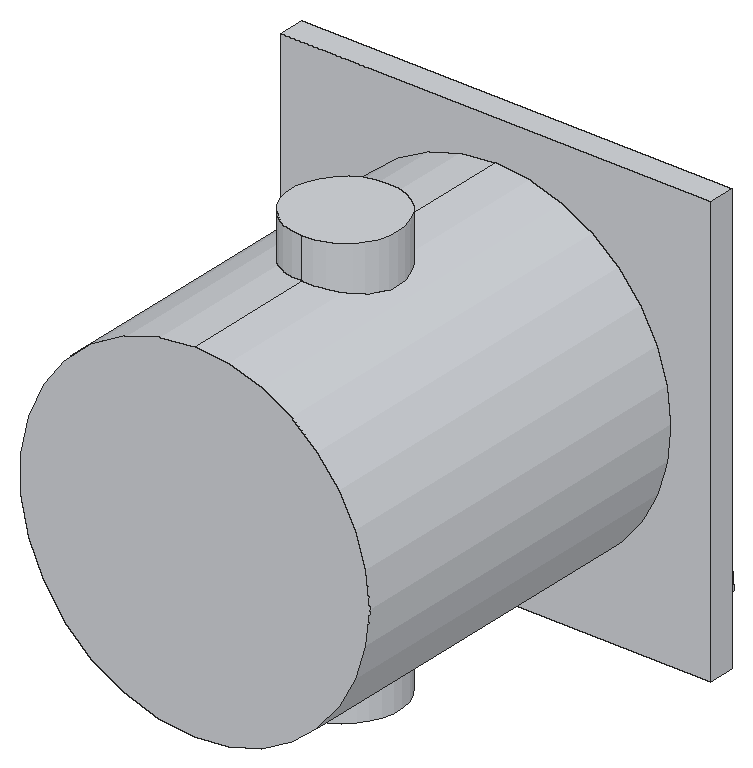
Revit family "LS_Dimmer_V1700", category Lichtschalter, Revit 2017
Family settings
  Beschriftungsausrichtung beibehalten = Nein
  Bemaßung runder Anschluss = Durchmesser verwenden
  Teiletyp = Schalter
  OmniClass-Nummer = 23.80.70.00
  OmniClass-Titel = Lighting
  Arbeitsebenenbasiert = Nein
  Immer vertikal = Ja
  Beim Laden mit Abzugskörper schneiden = Nein
  Gemeinsam genutzt = Nein
  Raumberechnungspunkt = Nein
Parameters (values of type "allgemein")
  pbr_Material_KZ = ""
  pbr_Material = none
  pbr_E_Typ = ""
  pbr_E_KZ = ""
  pbr_DINBild = 0
  pbr_Bild = 0
  pbr_3Dx_Delta_Korrekturversatz [instance] = 0 mm
  pbr_3DX_Versatzfaktor [instance] = 0
  pbr_2DY_Versatzfaktor [instance] = 0
  pbr_2DX_Versatzfaktor [instance] = 0
  lfd_STRK [instance] = 0
  cpiFitMatchKey [instance] = "E-LS-SCH-1"
  Zentrale [instance] = ""
  Typ [instance] = ""
  Text3 [instance] = ""
  Text2 [instance] = ""
  Text1 [instance] = ""
  Schaltgruppe2 [instance] = 0
  Schaltgruppe1 [instance] = 0
  Planungsbüro Rohling = "www.pbr.de"
  Netzart = ""
  Menge(Dosenzahl) [instance] = 0
  Linie/Anschluss [instance] = ""
  Lastklassifizierung = none
  Installationsart [instance] = ""
  Info [instance] = ""
  IFC = ""
  Gewerk [instance] = "Schalt"
  Eckversatz [instance] = 0 mm
  YFrontversatz [instance] = if(pbr_2DY_Versatzfaktor = 300, 0 mm, pbr_2DY_Versatzfaktor * 300 mm)  # 0 mm
  XSeitenversatz [instance] = if(pbr_2DX_Versatzfaktor = 0, 3000 mm, 3000 mm + (pbr_2DX_Versatzfaktor * 300 mm)) + Eckversatz  # 3000 mm
  R_Leerrohranschluss = 10 mm
  Niveau [instance] = 1100 mm
  Dosentiefe = 70 mm  # constant formula
  Dosenradius = 65 mm / 2  # 32.5 mm
  Dimmer mit Leuchte = no
  Dimmer = yes
  D_Leerrohranschluss = 2 * R_Leerrohranschluss  # 20 mm
  Breite = 80 mm
  3DX_Versatzkontrolle [instance] = if(pbr_3DX_Versatzfaktor = 0, (pbr_2DX_Versatzfaktor * -1), (((-1 * pbr_3DX_Versatzfaktor) + pbr_2DX_Versatzfaktor) * -1))  # 0
  3DX_Versatz [instance] = if([3DX_Versatzkontrolle] = 0, 2000 mm, 2000 mm + ([3DX_Versatzkontrolle] * (300 mm - Breite))) + pbr_3Dx_Delta_Korrekturversatz  # 2000 mm
  Platzierrahmen [instance] = no
Types (2, lengths in mm): name | Dimmer mit Leuchte | Dimmer
  mit_Leuchte | yes | no
  allgemein | no | yes
Reference planes
  plane 1 "Mitte (Vorne/Hinten)": y = 0
  plane 2: z = 0
  plane 3 "Mitte (Links/Rechts)": x = 0
  plane 4: x = -40
  plane 5: x = 40
  plane 6: z = 1140
  plane 7: z = 1060
  plane 8 "SchalterVorne": y = 5
  plane 9 "3DSchalterMitte": x = 0
  plane 10: z = 1100
  plane 11: y = -70
  plane 12: y = -35
  plane 13: x = -3000
  plane 14: x = 0
  plane 15: y = 0
Forms (mm)
  Extrusion 1, solid
    sketch origin (0, 20, 0) x (0, 0, 1) y (-1, 0, 0)
      loop
        line (1060, 40) -> (1060, -40) -> (1140, -40) -> (1140, 40) -> (1060, 40)
    from 15 to 20
  Sweep 2, solid
    path origin (0, 0, 0) x (0, 0, 1) y (0, -1, 0)
      loop
        line (1100, 0) -> (1100, 70)
    profile origin (0, -35, 1100) x (0, 0, -1) y (1, 0, 0)
      loop
        circle (0, 0) r 32.5
  Sweep 3, solid
    path origin (0, 0, 0) x (1, 0, 0) y (0, 1, 0)
      loop
        line (-32.5, 0) -> (32.5, 0)
    profile origin (0, 0, 0) x (0, 1, 0) y (0, 0, 1)
      loop
        line (5, 1135) -> (5, 1066.102) -> (14.712, 1066.102) -> (7.47, 1135) -> (5, 1135)
  Sweep 4, solid
    path origin (0, 0, 0) x (0, 0, 1) y (0, -1, 0)
      loop
        line (1060, 35) -> (1140, 35)
    profile origin (0, -35, 1100) x (0, -1, 0) y (1, 0, 0)
      loop
        circle (0, 0) r 10
Cuts and joins
  joined: Sweep 2, Sweep 4
  joined: Extrusion 1, Sweep 3
Dimensions and locks
  plane 5 to plane 4 = 80 mm
  plane 6 to plane 7 = 80 mm
  equal spacing: plane 5, plane 9 "3DSchalterMitte", plane 4
  equal spacing: plane 6, plane 10, plane 7
  "Niveau": plane 10 to level
  "Dosentiefe": plane 1 "Mitte (Vorne/Hinten)" to plane 11
  plane 8 "SchalterVorne" to plane 1 "Mitte (Vorne/Hinten)" = 5 mm
  equal spacing: plane 11, plane 12, plane 1 "Mitte (Vorne/Hinten)"
  Sweep 3 sketch curve to plane 6 = 5 mm
  "Breite": plane 5 to plane 4
  locked: plane 13 to plane 9 "3DSchalterMitte" at 3000
  "XSeitenversatz": plane 13 to plane 14
  "YFrontversatz": plane 15 to plane 1 "Mitte (Vorne/Hinten)"
  "Dosenradius": radius of Sweep 2 sketch curve
  "R_Leerrohranschluss": radius of Sweep 4 sketch curve
  aligned and locked: level to plane 2
  aligned and locked: plane 7 to Extrusion 1 sketch curve
  aligned and locked: Extrusion 1 sketch curve to plane 4
  aligned and locked: Extrusion 1 sketch curve to plane 6
  aligned and locked: plane 5 to Extrusion 1 sketch curve
  aligned and locked: plane 1 "Mitte (Vorne/Hinten)" to Extrusion 1
  aligned and locked: Extrusion 1 to plane 8 "SchalterVorne"
  aligned and locked: plane 9 "3DSchalterMitte" to plane 3 "Mitte (Links/Rechts)"
  aligned and locked: plane 14 to nested 2
  aligned and locked: nested 2 to plane 15
  aligned and locked: nested 2 to nested 1
  aligned and locked: nested 1 to nested 2
Automatic sketch dimensions
  Sweep 2 sketch curve to plane 10 = 0 mm
  Sweep 2 sketch curve to plane 1 "Mitte (Vorne/Hinten)" = 0 mm
  Sweep 2 sketch curve to plane 11 = 0 mm
  plane 1 "Mitte (Vorne/Hinten)" to Sweep 3 sketch curve = 0 mm
  plane 4 to Sweep 3 sketch curve = 7.5 mm
  Sweep 3 sketch curve to plane 5 = 7.5 mm
  Sweep 3 sketch curve to profile plane = 7.47 mm
  Sweep 3 sketch curve to profile plane = 14.712 mm
  Sweep 3 sketch curve to profile plane = 5 mm
  Sweep 3 sketch curve to Sweep 3 sketch curve = 68.898 mm
  Sweep 4 sketch curve to plane 7 = 0 mm
  plane 6 to Sweep 4 sketch curve = 0 mm
  Sweep 4 sketch curve to plane 12 = 0 mm
  Sweep 2 sketch curve to plane 9 "3DSchalterMitte" = 0 mm
  Sweep 2 sketch curve to profile plane = 0 mm
  Sweep 4 sketch curve to plane 9 "3DSchalterMitte" = 0 mm
  Sweep 4 sketch curve to profile plane = 0 mm
Nested families
  nested 1: "Dimmer" at (0, 0, 0), visible <- "Dimmer", type "Dimmer"
  nested 2: "Dimmer mit Leuchte" at (0, 0, 0), visible <- "Dimmer mit Leuchte", type "Dimmer mit Leuchte"
Connectors
  electrical at (0, -35, 1140)
    settings: on cut or joined group of Sweep 2, Sweep 4, index 3, voltage 230 V, apparent load 0 VA, apparent load phase1 0 VA, apparent load phase2 0 VA, apparent load phase3 0 VA, power factor 1, load classification "Standard", number of poles 1, system type 31, power factor state 1, is connector primary yes, connector utility no, sub classification motor no, connector description ""
  cabletrayconduit at (0, -35, 1140), diameter 20, driven by "D_Leerrohranschluss"
    settings: on cut or joined group of Sweep 2, Sweep 4, index 4, connector width 300 mm, connector height 300 mm, connector angle 0.00°, system type 32, placement type 0, profile type 0, connector reference index -1, is primary connector yes, connector utility param no, connector description ""
  cabletrayconduit at (0, -35, 1060), diameter 20, driven by "D_Leerrohranschluss"
    settings: on cut or joined group of Sweep 2, Sweep 4, index 5, connector width 300 mm, connector height 300 mm, connector angle 0.00°, system type 32, placement type 0, profile type 0, connector reference index -1, is primary connector no, connector utility param no, connector description ""
Definition of nested family "Dimmer"
  Reference planes
    plane 1 "Mitte (Vorne/Hinten)": y = 0
    plane 2: z = 0
    plane 3 "Mitte (Links/Rechts)": x = 0
  Lines and regions (mm)
    detail lines, in view "Referenzebene"
      curve 1: circle (-0.166, 66.5, 0) r 66.5 normal (0, 0, 1)
      curve 2: line (14.715, 131.314, 0) -> (95.72, 300, 0)
      curve 3: line (-3.632, 193.551, 0) -> (149.34, 193.551, 0)
      curve 4: line (149.34, 193.551, 0) -> (149.34, 223.73, 0)
      curve 5: line (149.34, 223.73, 0) -> (-3.632, 193.551, 0)
Definition of nested family "Dimmer mit Leuchte"
  Reference planes
    plane 1 "Mitte (Vorne/Hinten)": y = 0
    plane 2: z = 0
    plane 3 "Mitte (Links/Rechts)": x = 0
  Lines and regions (mm)
    detail lines, in view "Referenzebene"
      curve 1: circle (-0.133, 66.309, 0) r 66.5 normal (0, 0, 1)
      curve 2: line (14.748, 131.123, 0) -> (95.752, 299.809, 0)
      curve 3: line (-47.156, 113.332, 0) -> (46.889, 19.286, 0)
      curve 4: line (-47.156, 19.286, 0) -> (46.889, 113.332, 0)
      curve 5: line (-3.599, 193.361, 0) -> (149.372, 193.361, 0)
      curve 6: line (149.372, 193.361, 0) -> (149.372, 223.539, 0)
      curve 7: line (149.372, 223.539, 0) -> (-3.599, 193.361, 0)
